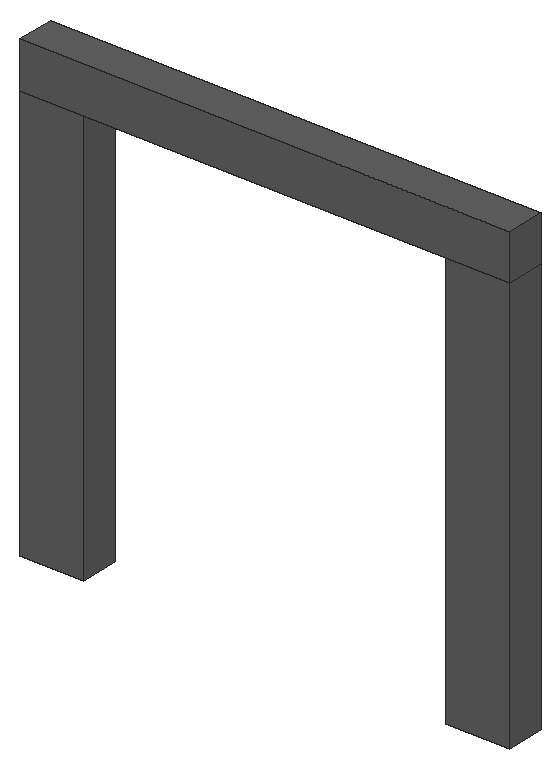
Revit family "IDS-HP Ironside (ADS-HP Armorguard)", category Generic Models, host Wall, Revit 2015
Parameters (values of type "9'x9' Door")
  Width = 10' - 7"
  URL = "https://www.entrematic.us/en/ent/entrematicus/"
  SidePadHeight = 9' - 0"
  Projection = 0' - 10"
  Opening = 7' - 10"
  Model = "IDS-HP Ironside/ADS-HP Armorguard"
  Manufacturer = "Entrematic"
  HeadPadHeight = 1' - 0"
  Description = "Foam Dock Seal"
Types (7): name | Width | SidePadHeight | Opening
  (no name) | 10' - 7" | 9' - 0" | 7' - 10"
  8'x8' Door | 9' - 6" | 8' - 0" | 7' - 6"
  8.5'x8' Door | 10' - 0" | 8' - 0" | 7' - 8"
  9'x8' Door | 10' - 7" | 8' - 0" | 7' - 10"
  8'x9' Door | 9' - 6" | 9' - 0" | 7' - 6"
  8.5'x9' Door | 10' - 0" | 9' - 0" | 7' - 8"
  9'x9' Door | 10' - 7" | 9' - 0" | 7' - 10"
Reference planes (in)
  plane 1: y = 0
  plane 2 "Center (Left/Right)": x = 0
  plane 3 "Wall Edge": y = 3
  plane 4: x = -47
  plane 5: x = -63.5
  plane 6: x = 47
  plane 7: x = 63.5
  plane 8: z = 120
  plane 9: z = 108
  plane 10: y = 13
  plane 11: y = 3
  plane 12: y = 13.03125
  plane 13: x = 51
  plane 14: x = 54
  plane 15: x = -51
  plane 16: x = -54
Forms (in)
  Extrusion 1, solid, material "Skin"
    sketch origin (0, 3, 0) x (1, 0, 0) y (0, 0, 1)
      loop
        line (63.5, 120) -> (-63.5, 120) -> (-63.5, 108) -> (63.5, 108) -> (63.5, 120)
    from 0 to -10
  Extrusion 2, solid, material "Skin"
    sketch origin (0, 3, 0) x (1, 0, 0) y (0, 0, 1)
      loop
        line (63.5, 108) -> (47, 108) -> (47, 0) -> (63.5, 0) -> (63.5, 108)
      loop
        line (-47, 108) -> (-63.5, 108) -> (-63.5, 0) -> (-47, 0) -> (-47, 108)
    from 0 to -10
  Extrusion 3, solid, material "Guide Stripe"
    sketch origin (0, 3, 0) x (1, 0, 0) y (0, 0, 1)
      loop
        line (54, 0) -> (54, 108) -> (51, 108) -> (51, 0) -> (54, 0)
      loop
        line (-54, 0) -> (-51, 0) -> (-51, 108) -> (-54, 108) -> (-54, 0)
    from -10.03125 to -10
Text (in)
  text "Placement Side" at (0, 40.15149, 123.01588), in view "Right"
  text "Placement Side" at (-70.3804, 28.46503, 0), in view "Ref. Level"
  text "Placement Side" at (0, 81.62555, 140.59947), in view "Left"
Dimensions and locks (in)
  locked: plane 3 "Wall Edge" to host wall
  equal spacing: plane 6, plane 2 "Center (Left/Right)", plane 4
  "Opening": plane 6 to plane 4
  equal spacing: plane 7, plane 2 "Center (Left/Right)", plane 5
  "Width": plane 7 to plane 5
  "SidePadHeight": level to plane 9
  "HeadPadHeight": plane 9 to plane 8
  "Projection": plane 10 to plane 11
  plane 12 to plane 10 = 0' - 0 1/32"
  plane 14 to plane 13 to plane 6 = 0' - 3" locked, 0' - 4" locked
  plane 16 to plane 15 to plane 4 = 0' - 3" locked, 0' - 4" locked
  level to Extrusion 3 = 9' - 0"
  aligned and locked: plane 11 to host wall
  aligned and locked: plane 8 to Extrusion 1 sketch curve
  aligned and locked: plane 7 to Extrusion 1 sketch curve
  aligned and locked: Extrusion 1 sketch curve to plane 9
  aligned and locked: Extrusion 1 sketch curve to plane 5
  aligned and locked: Extrusion 2 sketch curve to Extrusion 1  (x2)
  aligned and locked: Extrusion 2 sketch curve to level
  aligned and locked: Extrusion 2 sketch curve to plane 6
  aligned and locked: Extrusion 2 sketch curve to plane 4
  aligned and locked: Extrusion 2 sketch curve to plane 5
  aligned and locked: Extrusion 2 sketch curve to plane 9
  aligned and locked: level to Extrusion 2 sketch curve
  aligned and locked: plane 10 to Extrusion 2
  aligned and locked: Extrusion 2 to plane 11
  aligned and locked: Extrusion 1 to plane 11
  aligned and locked: plane 13 to Extrusion 3 sketch curve
  aligned and locked: Extrusion 3 sketch curve to plane 14
  aligned and locked: plane 9 to Extrusion 3 sketch curve
  aligned and locked: Extrusion 3 sketch curve to plane 9
  aligned and locked: Extrusion 3 sketch curve to plane 16
  aligned and locked: Extrusion 3 sketch curve to plane 15
  aligned and locked: level to Extrusion 3 sketch curve
  aligned and locked: Extrusion 3 to plane 10
  aligned and locked: plane 12 to Extrusion 3
  aligned and locked: plane 10 to Extrusion 1
  aligned and locked: Extrusion 3 to level
Automatic sketch dimensions
  Extrusion 3 sketch curve to level = 0' - 0"
